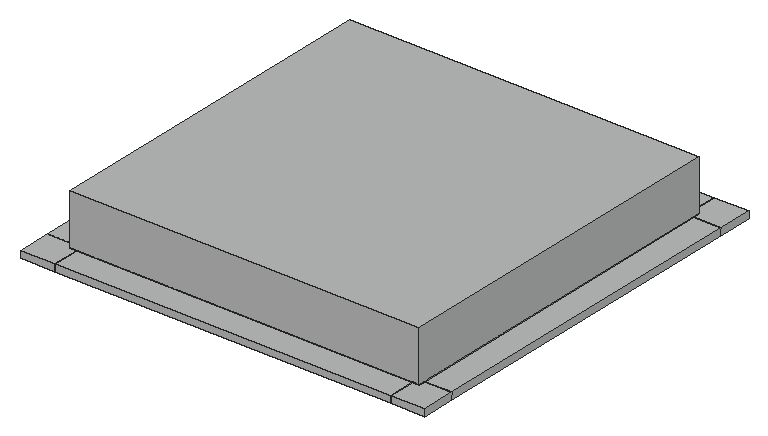
Revit family "ALUMOGIPS", category Осветительные приборы, Revit 2019 (continued)
Types (72, lengths in mm): name | Файл фотометрической сетки | built-in parameter 1150105 | Lumens | built-in parameter 1150106 | built-in parameter 1150142 | Wattage | Emit from Rectangle Width | Emit from Rectangle Length | Длина | Материал светильника | Ширина | ADSK_Ток | ADSK_Полная мощность | ADSK_Обозначение | ADSK_Номинальная мощность | ADSK_Наименование | ADSK_Масса | ADSK_Код изделия
     0.197 0.197 0.197 0.197 0.098 0.098 0.098 0.098 0.098 0.098 0.098 0.098 0.000 0.000 0.000 0.000 \r\n1417.637 1418.525 1416.551 1412.506 1405.994 1396.621 1384.781 1369.783 1352.419 1332.587 1311.077 1287.003 1261.053 1233.427 1203.827 1172.549 1139.497 1104.963 \r\n1069.345 1032.345 994.260 954.892 914.932 873.887 832.152 789.824 747.101 704.082 660.176 616.565 572.462 527.864 484.254 439.855 395.849 352.337 309.714 268.076 227.722 188.157 \r\n148.295 112.578 78.933 47.360 19.042 0.592 0.592 0.493 0.493 0.493 0.493 0.493 0.493 0.493 0.493 0.395 0.395 0.395 0.395 0.395 0.395 0.395 0.395 0.296 0.296 0.296 0.296 0.296 0.296 0.296 0.296 0.197 \r\n0.197 0.197 0.197 0.197 0.197 0.197 0.197 0.098 0.098 0.098 0.098 0.098 0.098 0.098 0.098 0.000 0.000 0.000 0.000 \r\n1417.637 1418.525 1416.453 1412.309 1405.796 1396.325 1384.485 1369.388 1352.024 1332.192 1310.584 1286.509 1260.560 1232.835 1203.235 1171.958 1138.905 1104.371 \r\n1068.654 1031.655 993.569 954.202 914.143 873.098 831.460 789.133 746.410 703.392 659.485 615.874 571.870 527.273 483.662 439.262 395.257 351.844 309.319 267.583 227.229 187.762 \r\n148.000 112.282 78.637 47.163 18.845 0.592 0.592 0.493 0.493 0.493 0.493 0.493 0.493 0.493 0.493 0.395 0.395 0.395 0.395 0.395 0.395 0.395 0.395 0.296 0.296 0.296 0.296 0.296 0.296 0.296 0.296 0.197 \r\n0.197 0.197 0.197 0.197 0.197 0.197 0.197 0.098 0.098 0.098 0.098 0.098 0.098 0.098 0.098 0.000 0.000 0.000 0.000 \r\n1417.637 1418.426 1416.354 1412.211 1405.501 1396.029 1384.090 1369.093 1351.629 1331.797 1310.189 1286.016 1259.968 1232.341 1202.643 1171.366 1138.214 1103.680 \r\n1068.062 1030.964 992.878 953.511 913.452 872.407 830.770 788.442 745.818 702.799 658.893 615.283 571.179 526.680 483.070 438.769 394.763 351.350 308.826 267.188 226.834 187.466 \r\n147.703 111.987 78.440 46.866 18.648 0.592 0.592 0.493 0.493 0.493 0.493 0.493 0.493 0.493 0.493 0.395 0.395 0.395 0.395 0.395 0.395 0.395 0.395 0.296 0.296 0.296 0.296 0.296 0.296 0.296 0.296 0.197 \r\n0.197 0.197 0.197 0.197 0.197 0.197 0.197 0.098 0.098 0.098 0.098 0.098 0.098 0.098 0.098 0.000 0.000 0.000 0.000 \r\n1417.637 1418.426 1416.255 1412.013 1405.303 1395.831 1383.794 1368.698 1351.234 1331.304 1309.696 1285.522 1259.474 1231.750 1202.051 1170.675 1137.622 1103.089 \r\n1067.372 1030.273 992.188 952.820 912.762 871.716 830.079 787.751 745.127 702.109 658.202 614.593 570.587 526.088 482.478 438.177 394.171 350.857 308.332 266.793 226.439 187.071 \r\n147.309 111.690 78.144 46.670 18.451 0.592 0.592 0.493 0.493 0.493 0.493 0.493 0.493 0.493 0.493 0.395 0.395 0.395 0.395 0.395 0.395 0.395 0.395 0.296 0.296 0.296 0.296 0.296 0.296 0.296 0.296 0.197 \r\n0.197 0.197 0.197 0.197 0.197 0.197 0.197 0.098 0.098 0.098 0.098 0.098 0.098 0.098 0.098 0.000 0.000 0.000 0.000 \r\n1417.637 1418.327 1416.156 1411.816 1405.106 1395.535 1383.498 1368.304 1350.839 1330.909 1309.203 1285.029 1258.981 1231.256 1201.459 1170.083 1137.030 1102.398 \r\n1066.680 1029.681 991.497 952.129 912.071 871.026 829.388 787.061 744.437 701.418 657.512 613.901 569.995 525.398 481.886 437.585 393.678 350.364 307.938 266.300 226.044 186.676 \r\n147.012 111.493 77.848 46.472 18.154 0.592 0.592 0.493 0.493 0.493 0.493 0.493 0.493 0.493 0.493 0.395 0.395 0.395 0.395 0.395 0.395 0.395 0.395 0.296 0.296 0.296 0.296 0.296 0.296 0.296 0.296 0.197 \r\n0.197 0.197 0.197 0.197 0.197 0.197 0.197 0.098 0.098 0.098 0.098 0.098 0.098 0.098 0.098 0.000 0.000 0.000 0.000 \r\n1417.637 1418.327 1416.058 1411.716 1404.810 1395.240 1383.202 1367.909 1350.445 1330.514 1308.808 1284.536 1258.488 1230.664 1200.867 1169.491 1136.339 1101.806 \r\n1066.089 1028.991 990.807 951.438 911.381 870.335 828.698 786.370 743.746 700.728 656.920 613.310 569.304 524.806 481.294 437.091 393.185 349.871 307.444 265.905 225.650 186.381 \r\n146.717 111.197 77.650 46.176 17.957 0.592 0.592 0.493 0.493 0.493 0.493 0.493 0.493 0.493 0.493 0.395 0.395 0.395 0.395 0.395 0.395 0.395 0.395 0.296 0.296 0.296 0.296 0.296 0.296 0.296 0.296 0.197 \r\n0.197 0.197 0.197 0.197 0.197 0.197 0.197 0.098 0.098 0.098 0.098 0.098 0.098 0.098 0.098 0.000 0.000 0.000 0.000 \r\n1417.637 1418.229 1415.960 1411.519 1404.613 1394.943 1382.807 1367.612 1350.051 1330.119 1308.315 1284.043 1257.896 1230.072 1200.275 1168.899 1135.748 1101.116 \r\n1065.398 1028.300 990.115 950.748 910.689 869.644 828.007 785.679 743.056 700.037 656.229 612.619 568.713 524.214 480.702 436.499 392.593 349.377 306.951 265.511 225.255 185.986 \r\n146.421 110.901 77.355 45.978 17.759 0.592 0.592 0.493 0.493 0.493 0.493 0.493 0.493 0.493 0.493 0.395 0.395 0.395 0.395 0.395 0.395 0.395 0.395 0.296 0.296 0.296 0.296 0.296 0.296 0.296 0.296 0.197 \r\n0.197 0.197 0.197 0.197 0.197 0.197 0.197 0.098 0.098 0.098 0.098 0.098 0.098 0.098 0.098 0.000 0.000 0.000 0.000 \r\n1417.637 1418.229 1415.861 1411.421 1404.415 1394.746 1382.512 1367.219 1349.656 1329.626 1307.821 1283.549 1257.403 1229.579 1199.782 1168.209 1135.155 1100.523 \r\n1064.708 1027.609 989.425 950.057 909.998 868.855 827.317 784.989 742.365 699.347 655.538 611.928 568.021 523.622 480.110 436.006 392.100 348.884 306.556 265.017 224.860 185.591 \r\n146.026 110.605 77.157 45.781 17.464 0.592 0.592 0.493 0.493 0.493 0.493 0.493 0.493 0.493 0.493 0.395 0.395 0.395 0.395 0.395 0.395 0.395 0.395 0.296 0.296 0.296 0.296 0.296 0.296 0.296 0.296 0.197 \r\n0.197 0.197 0.197 0.197 0.197 0.197 0.197 0.098 0.098 0.098 0.098 0.098 0.098 0.098 0.098 0.000 0.000 0.000 0.000 \r\n1417.637 1418.130 1415.762 1411.223 1404.218 1394.450 1382.216 1366.824 1349.261 1329.231 1307.427 1283.056 1256.910 1228.987 1199.190 1167.616 1134.563 1099.833 \r\n1064.016 1026.918 988.833 949.367 909.308 868.165 826.625 784.298 741.674 698.656 654.946 611.336 567.430 523.030 479.518 435.414 391.606 348.391 306.063 264.623 224.465 185.196 \r\n145.730 110.309 76.861 45.485 17.266 0.592 0.592 0.493 0.493 0.493 0.493 0.493 0.493 0.493 0.493 0.395 0.395 0.395 0.395 0.395 0.395 0.395 0.395 0.296 0.296 0.296 0.296 0.296 0.296 0.296 0.296 0.197 \r\n0.197 0.197 0.197 0.197 0.197 0.197 0.197 0.098 0.098 0.098 0.098 0.098 0.098 0.098 0.098 0.000 0.000 0.000 0.000 \r\n1417.637 1418.130 1415.565 1411.026 1403.922 1394.154 1381.919 1366.527 1348.866 1328.837 1306.933 1282.563 1256.416 1228.494 1198.597 1167.024 1133.873 1099.241 \r\n1063.425 1026.228 988.143 948.676 908.519 867.474 825.935 783.608 740.983 698.064 654.256 610.646 566.739 522.438 478.926 434.822 391.014 347.897 305.569 264.229 224.072 184.901 \r\n145.434 110.013 76.565 45.288 17.069 0.592 0.592 0.493 0.493 0.493 0.493 0.493 0.493 0.493 0.493 0.395 0.395 0.395 0.395 0.395 0.395 0.395 0.395 0.296 0.296 0.296 0.296 0.296 0.296 0.296 0.296 0.197 \r\n0.197 0.197 0.197 0.197 0.197 0.197 0.197 0.098 0.098 0.098 0.098 0.098 0.098 0.098 0.098 0.000 0.000 0.000 0.000 \r\n1417.637 1418.031 1415.466 1410.928 1403.725 1393.858 1381.524 1366.133 1348.472 1328.443 1306.440 1282.070 1255.824 1227.901 1198.006 1166.433 1133.280 1098.550 \r\n1062.735 1025.537 987.451 947.887 907.829 866.784 825.244 782.916 740.293 697.373 653.565 610.053 566.147 521.747 478.334 434.328 390.521 347.404 305.175 263.735 223.677 184.506 \r\n145.039 109.717 76.368 44.992 16.871 0.592 0.592 0.493 0.493 0.493 0.493 0.493 0.493 0.493 0.493 0.395 0.395 0.395 0.395 0.395 0.395 0.395 0.395 0.296 0.296 0.296 0.296 0.296 0.296 0.296 0.296 0.197 \r\n0.197 0.197 0.197 0.197 0.197 0.197 0.197 0.098 0.098 0.098 0.098 0.098 0.098 0.098 0.098 0.000 0.000 0.000 0.000 \r\n1417.637 1418.031 1415.368 1410.730 1403.527 1393.562 1381.229 1365.738 1348.077 1327.949 1306.045 1281.575 1255.331 1227.310 1197.414 1165.841 1132.689 1097.958 \r\n1062.043 1024.846 986.761 947.196 907.137 866.092 824.554 782.226 739.602 696.683 652.973 609.363 565.456 521.155 477.742 433.737 390.028 346.910 304.681 263.341 223.282 184.111 \r\n144.743 109.421 76.072 44.794 16.576 0.592 0.592 0.493 0.493 0.493 0.493 0.493 0.493 0.493 0.493 0.395 0.395 0.395 0.395 0.395 0.395 0.395 0.395 0.296 0.296 0.296 0.296 0.296 0.296 0.296 0.296 0.197 \r\n0.197 0.197 0.197 0.197 0.197 0.197 0.197 0.098 0.098 0.098 0.098 0.098 0.098 0.098 0.098 0.000 0.000 0.000 0.000 \r\n1417.637 1417.932 1415.268 1410.533 1403.232 1393.365 1380.933 1365.443 1347.682 1327.555 1305.552 1281.082 1254.837 1226.816 1196.821 1165.150 1131.998 1097.267 \r\n1061.452 1024.254 986.070 946.506 906.447 865.401 823.863 781.535 738.912 695.991 652.282 608.672 564.864 520.563 477.150 433.145 389.436 346.417 304.287 262.946 222.887 183.815 \r\n144.448 109.125 75.874 44.597 16.378 0.592 0.592 0.493 0.493 0.493 0.493 0.493 0.493 0.493 0.493 0.395 0.395 0.395 0.395 0.395 0.395 0.395 0.395 0.296 0.296 0.296 0.296 0.296 0.296 0.296 0.296 0.197 \r\n0.197 0.197 0.197 0.197 0.197 0.197 0.197 0.098 0.098 0.098 0.098 0.098 0.098 0.098 0.098 0.000 0.000 0.000 0.000 \r\n1417.637 1417.932 1415.170 1410.434 1403.034 1393.069 1380.636 1365.048 1347.287 1327.160 1305.157 1280.589 1254.344 1226.225 1196.230 1164.558 1131.406 1096.675 \r\n1060.761 1023.564 985.380 945.815 905.756 864.613 823.173 780.845 738.221 695.301 651.592 608.080 564.174 519.971 476.558 432.652 388.943 345.924 303.794 262.453 222.492 183.420 \r\n144.151 108.829 75.579 44.301 16.181 0.592 0.592 0.493 0.493 0.493 0.493 0.493 0.493 0.493 0.493 0.395 0.395 0.395 0.395 0.395 0.395 0.395 0.395 0.296 0.296 0.296 0.296 0.296 0.296 0.296 0.296 0.197 \r\n0.197 0.197 0.197 0.197 0.197 0.197 0.197 0.098 0.098 0.098 0.098 0.098 0.098 0.098 0.098 0.000 0.000 0.000 0.000 \r\n1417.637 1417.834 1415.071 1410.237 1402.837 1392.772 1380.243 1364.653 1346.892 1326.765 1304.664 1280.096 1253.752 1225.730 1195.638 1163.965 1130.814 1095.984 \r\n1060.071 1022.873 984.689 945.124 905.066 863.922 822.482 780.154 737.531 694.610 651.000 607.390 563.581 519.379 475.966 432.059 388.350 345.431 303.300 262.058 222.098 183.026 \r\n143.757 108.533 75.282 44.104 15.983 0.592 0.592 0.493 0.493 0.493 0.493 0.493 0.493 0.493 0.493 0.395 0.395 0.395 0.395 0.395 0.395 0.395 0.395 0.296 0.296 0.296 0.296 0.296 0.296 0.296 0.296 0.197 \r\n0.197 0.197 0.197 0.197 0.197 0.197 0.197 0.098 0.098 0.098 0.098 0.098 0.098 0.098 0.098 0.000 0.000 0.000 0.000 \r\n1417.637 1417.834 1414.973 1410.138 1402.541 1392.477 1379.946 1364.258 1346.499 1326.272 1304.171 1279.603 1253.259 1225.139 1195.045 1163.374 1130.123 1095.393 \r\n1059.478 1022.183 983.999 944.433 904.375 863.231 821.792 779.464 736.840 693.920 650.309 606.699 562.891 518.787 475.374 431.566 387.857 344.937 302.906 261.663 221.703 182.730 \r\n143.461 108.237 75.085 43.906 15.688 0.592 0.592 0.493 0.493 0.493 0.493 0.493 0.493 0.493 0.493 0.395 0.395 0.395 0.395 0.395 0.395 0.395 0.395 0.296 0.296 0.296 0.296 0.296 0.296 0.296 0.296 0.197 \r\n0.197 0.197 0.197 0.197 0.197 0.197 0.197 0.098 0.098 0.098 0.098 0.098 0.098 0.098 0.098 0.000 0.000 0.000 0.000 \r\n1417.637 1417.736 1414.874 1409.940 1402.344 1392.181 1379.650 1363.962 1346.104 1325.877 1303.776 1279.109 1252.766 1224.547 1194.454 1162.782 1129.531 1094.702 \r\n1058.788 1021.492 983.308 943.742 903.684 862.540 821.100 778.773 736.148 693.327 649.618 606.107 562.298 518.096 474.782 430.974 387.364 344.444 302.412 261.170 221.308 182.335 \r\n143.165 108.040 74.789 43.611 15.490 0.592 0.592 0.493 0.493 0.493 0.493 0.493 0.493 0.493 0.493 0.395 0.395 0.395 0.395 0.395 0.395 0.395 0.395 0.296 0.296 0.296 0.296 0.296 0.296 0.296 0.296 0.197 \r\n0.197 0.197 0.197 0.197 0.197 0.197 0.197 0.098 0.098 0.098 0.098 0.098 0.098 0.098 0.098 0.000 0.000 0.000 0.000 \r\n1417.637 1417.736 1414.775 1409.743 1402.146 1391.984 1379.355 1363.568 1345.709 1325.482 1303.283 1278.616 1252.272 1224.054 1193.862 1162.091 1128.940 1094.110 \r\n1058.097 1020.801 982.617 943.052 902.994 861.850 820.410 778.082 735.458 692.637 649.027 605.416 561.608 517.504 474.190 430.383 386.772 343.951 301.918 260.775 220.913 181.941 \r\n142.770 107.743 74.592 43.413 15.293 0.592 0.592 0.493 0.493 0.493 0.493 0.493 0.493 0.493 0.493 0.395 0.395 0.395 0.395 0.395 0.395 0.395 0.395 0.296 0.296 0.296 0.296 0.296 0.296 0.296 0.296 0.197 \r\n0.197 0.197 0.197 0.197 0.197 0.197 0.197 0.098 0.098 0.098 0.098 0.098 0.098 0.098 0.098 0.000 0.000 0.000 0.000 \r\n1417.637 1417.637 1414.677 1409.645 1401.851 1391.688 1378.960 1363.173 1345.314 1325.088 1302.790 1278.123 1251.680 1223.461 1193.269 1161.499 1128.249 1093.518 \r\n1057.406 1020.110 981.926 942.361 902.204 861.159 819.719 777.391 734.867 691.946 648.335 604.726 561.017 516.913 473.598 429.888 386.279 343.458 301.524 260.380 220.519 181.644 \r\n142.474 107.448 74.296 43.216 15.096 0.592 0.592 0.493 0.493 0.493 0.493 0.493 0.493 0.493 0.493 0.395 0.395 0.395 0.395 0.395 0.395 0.395 0.395 0.296 0.296 0.296 0.296 0.296 0.296 0.296 0.296 0.197 \r\n0.197 0.197 0.197 0.197 0.197 0.197 0.197 0.098 0.098 0.098 0.098 0.098 0.098 0.098 0.098 0.000 0.000 0.000 0.000 \r\n1417.637 1417.637 1414.578 1409.447 1401.653 1391.391 1378.663 1362.877 1344.920 1324.693 1302.395 1277.630 1251.187 1222.968 1192.678 1160.908 1127.657 1092.827 \r\n1056.814 1019.419 981.236 941.671 901.514 860.369 819.028 776.701 734.175 691.256 647.645 604.133 560.326 516.320 473.006 429.297 385.785 342.963 301.030 259.887 220.125 181.249 \r\n142.178 107.152 74.099 42.920 14.800 0.592 0.592 0.493 0.493 0.493 0.493 0.493 0.493 0.493 0.493 0.395 0.395 0.395 0.395 0.395 0.395 0.395 0.395 0.296 0.296 0.296 0.296 0.296 0.296 0.296 0.296 0.197 \r\n0.197 0.197 0.197 0.197 0.197 0.197 0.197 0.098 0.098 0.098 0.098 0.098 0.098 0.098 0.098 0.000 0.000 0.000 0.000 \r\n1417.637 1417.538 1414.480 1409.250 1401.456 1391.096 1378.367 1362.482 1344.525 1324.200 1301.902 1277.136 1250.693 1222.376 1192.184 1160.315 1127.064 1092.235 \r\n1056.124 1018.828 980.545 940.980 900.823 859.679 818.338 776.010 733.485 690.565 647.054 603.443 559.734 515.728 472.414 428.705 385.193 342.470 300.537 259.492 219.730 180.856 \r\n141.882 106.855 73.802 42.723 14.602 0.592 0.592 0.493 0.493 0.493 0.493 0.493 0.493 0.493 0.493 0.395 0.395 0.395 0.395 0.395 0.395 0.395 0.395 0.296 0.296 0.296 0.296 0.296 0.296 0.296 0.296 0.197 \r\n0.197 0.197 0.197 0.197 0.197 0.197 0.197 0.098 0.098 0.098 0.098 0.098 0.098 0.098 0.098 0.000 0.000 0.000 0.000 \r\n1417.637 1417.538 1414.380 1409.152 1401.258 1390.898 1378.072 1362.087 1344.130 1323.805 1301.408 1276.643 1250.200 1221.784 1191.593 1159.625 1126.374 1091.545 \r\n1055.433 1018.137 979.855 940.290 900.133 858.988 817.647 775.221 732.794 689.875 646.362 602.851 559.043 515.137 471.822 428.212 384.700 341.977 300.142 259.097 219.335 180.559 \r\n141.487 106.560 73.506 42.525 14.405 0.592 0.592 0.493 0.493 0.493 0.493 0.493 0.493 0.493 0.493 0.395 0.395 0.395 0.395 0.395 0.395 0.395 0.395 0.296 0.296 0.296 0.296 0.296 0.296 0.296 0.296 0.197 \r\n0.197 0.197 0.197 0.197 0.197 0.197 0.197 0.098 0.098 0.098 0.098 0.098 0.098 0.098 0.098 0.000 0.000 0.000 0.000 \r\n1417.637 1417.439 1414.282 1408.954 1400.963 1390.603 1377.677 1361.792 1343.735 1323.410 1301.014 1276.149 1249.608 1221.291 1191.000 1159.032 1125.782 1090.953 \r\n1054.841 1017.446 979.164 939.500 899.442 858.298 816.957 774.530 732.103 689.184 645.672 602.160 558.451 514.446 471.230 427.619 384.108 341.484 299.649 258.604 218.940 180.165 \r\n141.191 106.264 73.309 42.229 14.208 0.592 0.592 0.493 0.493 0.493 0.493 0.493 0.493 0.493 0.493 0.395 0.395 0.395 0.395 0.395 0.395 0.395 0.395 0.296 0.296 0.296 0.296 0.296 0.296 0.296 0.296 0.197 \r\n0.197 0.197 0.197 0.197 0.197 0.197 0.197 0.098 0.098 0.098 0.098 0.098 0.098 0.098 0.098 0.000 0.000 0.000 0.000 \r\n1417.637 1417.439 1414.183 1408.855 1400.765 1390.306 1377.381 1361.397 1343.341 1323.015 1300.520 1275.656 1249.114 1220.699 1190.408 1158.440 1125.190 1090.262 \r\n1054.151 1016.755 978.473 938.809 898.750 857.607 816.266 773.839 731.413 688.592 645.080 601.469 557.859 513.854 470.638 427.126 383.615 340.990 299.254 258.209 218.546 179.770 \r\n140.896 105.967 73.013 42.031 13.912 0.592 0.592 0.493 0.493 0.493 0.493 0.493 0.493 0.493 0.493 0.395 0.395 0.395 0.395 0.395 0.395 0.395 0.395 0.296 0.296 0.296 0.296 0.296 0.296 0.296 0.296 0.197 \r\n0.197 0.197 0.197 0.197 0.197 0.197 0.197 0.098 0.098 0.098 0.098 0.098 0.098 0.098 0.098 0.000 0.000 0.000 0.000 \r\n1417.637 1417.341 1414.085 1408.658 1
